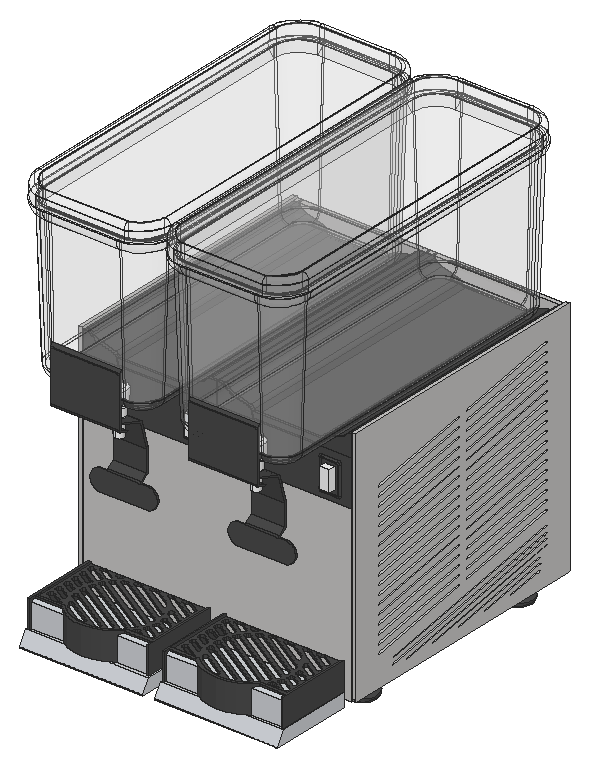
Revit family "QF_Vollrath-VBBD2-37", category Specialty Equipment, Revit 2018 (continued)
Forms (in)
  Extrusion 48, solid, material "QF_Finishes-Stainless"
    sketch origin (7.18237, 0, 0) x (0, 1, 0) y (0, 0, -1)
      loop
        line (3.58682, -5.53012) -> (-1.76463, -4.58652) -> (-1.78519, -4.70311)
        arc (-1.78519, -4.70311) -> (-1.75541, -4.72665) -> (-1.71961, -4.73928) r 0.11572
        line (-1.71961, -4.73928) -> (3.49226, -5.65827)
        arc (3.49226, -5.65827) -> (3.53022, -5.65864) -> (3.56626, -5.64671) r 0.11572
        line (3.56626, -5.64671) -> (3.58682, -5.53012)
      loop
        line (9.32185, -7.00479) -> (3.9704, -6.06119) -> (3.94984, -6.17777)
        arc (3.94984, -6.17777) -> (3.97963, -6.20131) -> (4.01542, -6.21395) r 0.11572
        line (4.01542, -6.21395) -> (9.22729, -7.13294)
        arc (9.22729, -7.13294) -> (9.26526, -7.13331) -> (9.30129, -7.12138) r 0.11572
        line (9.30129, -7.12138) -> (9.32185, -7.00479)
      loop
        line (3.58682, -5.99355) -> (-1.76463, -5.04994) -> (-1.78519, -5.16653)
        arc (-1.78519, -5.16653) -> (-1.75541, -5.19007) -> (-1.71961, -5.20271) r 0.11572
        line (-1.71961, -5.20271) -> (3.49226, -6.1217)
        arc (3.49226, -6.1217) -> (3.53022, -6.12207) -> (3.56626, -6.11014) r 0.11572
        line (3.56626, -6.11014) -> (3.58682, -5.99355)
      loop
        line (9.32185, -7.46822) -> (3.9704, -6.52461) -> (3.94984, -6.6412)
        arc (3.94984, -6.6412) -> (3.97963, -6.66474) -> (4.01542, -6.67737) r 0.11572
        line (4.01542, -6.67737) -> (9.22729, -7.59637)
        arc (9.22729, -7.59637) -> (9.26526, -7.59674) -> (9.30129, -7.5848) r 0.11572
        line (9.30129, -7.5848) -> (9.32185, -7.46822)
      loop
        line (3.58682, -6.45697) -> (-1.76463, -5.51337) -> (-1.78519, -5.62996)
        arc (-1.78519, -5.62996) -> (-1.75541, -5.6535) -> (-1.71961, -5.66613) r 0.11572
        line (-1.71961, -5.66613) -> (3.49226, -6.58512)
        arc (3.49226, -6.58512) -> (3.53022, -6.5855) -> (3.56626, -6.57356) r 0.11572
        line (3.56626, -6.57356) -> (3.58682, -6.45697)
      loop
        line (9.32185, -7.93164) -> (3.9704, -6.98804) -> (3.94984, -7.10462)
        arc (3.94984, -7.10462) -> (3.97963, -7.12816) -> (4.01542, -7.1408) r 0.11572
        line (4.01542, -7.1408) -> (9.22729, -8.05979)
        arc (9.22729, -8.05979) -> (9.26526, -8.06016) -> (9.30129, -8.04823) r 0.11572
        line (9.30129, -8.04823) -> (9.32185, -7.93164)
      loop
        line (3.58682, -6.9204) -> (-1.76463, -5.97679) -> (-1.78519, -6.09338)
        arc (-1.78519, -6.09338) -> (-1.75541, -6.11692) -> (-1.71961, -6.12956) r 0.11572
        line (-1.71961, -6.12956) -> (3.49226, -7.04855)
        arc (3.49226, -7.04855) -> (3.53022, -7.04892) -> (3.56626, -7.03699) r 0.11572
        line (3.56626, -7.03699) -> (3.58682, -6.9204)
      loop
        line (9.32185, -8.39507) -> (3.9704, -7.45146) -> (3.94984, -7.56805)
        arc (3.94984, -7.56805) -> (3.97963, -7.59159) -> (4.01542, -7.60422) r 0.11572
        line (4.01542, -7.60422) -> (9.22729, -8.52322)
        arc (9.22729, -8.52322) -> (9.26526, -8.52359) -> (9.30129, -8.51165) r 0.11572
        line (9.30129, -8.51165) -> (9.32185, -8.39507)
      loop
        line (3.58682, -7.38382) -> (-1.76463, -6.44022) -> (-1.78519, -6.55681)
        arc (-1.78519, -6.55681) -> (-1.75541, -6.58035) -> (-1.71961, -6.59298) r 0.11572
        line (-1.71961, -6.59298) -> (3.49226, -7.51198)
        arc (3.49226, -7.51198) -> (3.53022, -7.51235) -> (3.56626, -7.50041) r 0.11572
        line (3.56626, -7.50041) -> (3.58682, -7.38382)
      loop
        line (9.32185, -8.85849) -> (3.9704, -7.91489) -> (3.94984, -8.03147)
        arc (3.94984, -8.03147) -> (3.97963, -8.05501) -> (4.01542, -8.06765) r 0.11572
        line (4.01542, -8.06765) -> (9.22729, -8.98664)
        arc (9.22729, -8.98664) -> (9.26526, -8.98701) -> (9.30129, -8.97508) r 0.11572
        line (9.30129, -8.97508) -> (9.32185, -8.85849)
      loop
        line (3.58682, -7.84725) -> (-1.76463, -6.90364) -> (-1.78519, -7.02023)
        arc (-1.78519, -7.02023) -> (-1.75541, -7.04377) -> (-1.71961, -7.05641) r 0.11572
        line (-1.71961, -7.05641) -> (3.49226, -7.9754)
        arc (3.49226, -7.9754) -> (3.53022, -7.97577) -> (3.56626, -7.96384) r 0.11572
        line (3.56626, -7.96384) -> (3.58682, -7.84725)
      loop
        line (9.32185, -9.32192) -> (3.9704, -8.37831) -> (3.94984, -8.4949)
        arc (3.94984, -8.4949) -> (3.97963, -8.51844) -> (4.01542, -8.53107) r 0.11572
        line (4.01542, -8.53107) -> (9.22729, -9.45007)
        arc (9.22729, -9.45007) -> (9.26526, -9.45044) -> (9.30129, -9.4385) r 0.11572
        line (9.30129, -9.4385) -> (9.32185, -9.32192)
      loop
        line (3.58682, -8.31068) -> (-1.76463, -7.36707) -> (-1.78519, -7.48366)
        arc (-1.78519, -7.48366) -> (-1.75541, -7.5072) -> (-1.71961, -7.51983) r 0.11572
        line (-1.71961, -7.51983) -> (3.49226, -8.43883)
        arc (3.49226, -8.43883) -> (3.53022, -8.4392) -> (3.56626, -8.42726) r 0.11572
        line (3.56626, -8.42726) -> (3.58682, -8.31068)
      loop
        line (9.32185, -9.78534) -> (3.9704, -8.84174) -> (3.94984, -8.95832)
        arc (3.94984, -8.95832) -> (3.97963, -8.98186) -> (4.01542, -8.9945) r 0.11572
        line (4.01542, -8.9945) -> (9.22729, -9.91349)
        arc (9.22729, -9.91349) -> (9.26526, -9.91386) -> (9.30129, -9.90193) r 0.11572
        line (9.30129, -9.90193) -> (9.32185, -9.78534)
      loop
        line (3.58682, -8.7741) -> (-1.76463, -7.8305) -> (-1.78519, -7.94708)
        arc (-1.78519, -7.94708) -> (-1.75541, -7.97062) -> (-1.71961, -7.98326) r 0.11572
        line (-1.71961, -7.98326) -> (3.49226, -8.90225)
        arc (3.49226, -8.90225) -> (3.53022, -8.90262) -> (3.56626, -8.89069) r 0.11572
        line (3.56626, -8.89069) -> (3.58682, -8.7741)
      loop
        line (9.32185, -10.24877) -> (3.9704, -9.30516) -> (3.94984, -9.42175)
        arc (3.94984, -9.42175) -> (3.97963, -9.44529) -> (4.01542, -9.45792) r 0.11572
        line (4.01542, -9.45792) -> (9.22729, -10.37692)
        arc (9.22729, -10.37692) -> (9.26526, -10.37729) -> (9.30129, -10.36535) r 0.11572
        line (9.30129, -10.36535) -> (9.32185, -10.24877)
      loop
        line (3.58682, -9.23753) -> (-1.76463, -8.29392) -> (-1.78519, -8.41051)
        arc (-1.78519, -8.41051) -> (-1.75541, -8.43405) -> (-1.71961, -8.44668) r 0.11572
        line (-1.71961, -8.44668) -> (3.49226, -9.36568)
        arc (3.49226, -9.36568) -> (3.53022, -9.36605) -> (3.56626, -9.35411) r 0.11572
        line (3.56626, -9.35411) -> (3.58682, -9.23753)
      loop
        line (9.32185, -10.71219) -> (3.9704, -9.76859) -> (3.94984, -9.88517)
        arc (3.94984, -9.88517) -> (3.97963, -9.90871) -> (4.01542, -9.92135) r 0.11572
        line (4.01542, -9.92135) -> (9.22729, -10.84034)
        arc (9.22729, -10.84034) -> (9.26526, -10.84071) -> (9.30129, -10.82878) r 0.11572
        line (9.30129, -10.82878) -> (9.32185, -10.71219)
      loop
        line (3.58682, -9.70095) -> (-1.76463, -8.75735) -> (-1.78519, -8.87393)
        arc (-1.78519, -8.87393) -> (-1.75541, -8.89747) -> (-1.71961, -8.91011) r 0.11572
        line (-1.71961, -8.91011) -> (3.49226, -9.8291)
        arc (3.49226, -9.8291) -> (3.53022, -9.82947) -> (3.56626, -9.81754) r 0.11572
        line (3.56626, -9.81754) -> (3.58682, -9.70095)
      loop
        line (9.32185, -11.17562) -> (3.9704, -10.23201) -> (3.94984, -10.3486)
        arc (3.94984, -10.3486) -> (3.97963, -10.37214) -> (4.01542, -10.38477) r 0.11572
        line (4.01542, -10.38477) -> (9.22729, -11.30377)
        arc (9.22729, -11.30377) -> (9.26526, -11.30414) -> (9.30129, -11.2922) r 0.11572
        line (9.30129, -11.2922) -> (9.32185, -11.17562)
      loop
        line (3.58682, -10.16438) -> (-1.76463, -9.22077) -> (-1.78519, -9.33736)
        arc (-1.78519, -9.33736) -> (-1.75541, -9.3609) -> (-1.71961, -9.37353) r 0.11572
        line (-1.71961, -9.37353) -> (3.49226, -10.29253)
        arc (3.49226, -10.29253) -> (3.53022, -10.2929) -> (3.56626, -10.28096) r 0.11572
        line (3.56626, -10.28096) -> (3.58682, -10.16438)
      loop
        line (9.32185, -11.63904) -> (3.9704, -10.69544) -> (3.94984, -10.81202)
        arc (3.94984, -10.81202) -> (3.97963, -10.83556) -> (4.01542, -10.8482) r 0.11572
        line (4.01542, -10.8482) -> (9.22729, -11.76719)
        arc (9.22729, -11.76719) -> (9.26526, -11.76756) -> (9.30129, -11.75563) r 0.11572
        line (9.30129, -11.75563) -> (9.32185, -11.63904)
      loop
        line (3.58682, -10.6278) -> (-1.76463, -9.6842) -> (-1.78519, -9.80078)
        arc (-1.78519, -9.80078) -> (-1.75541, -9.82432) -> (-1.71961, -9.83696) r 0.11572
        line (-1.71961, -9.83696) -> (3.49226, -10.75595)
        arc (3.49226, -10.75595) -> (3.53022, -10.75632) -> (3.56626, -10.74439) r 0.11572
        line (3.56626, -10.74439) -> (3.58682, -10.6278)
      loop
        line (9.32185, -12.10307) -> (3.9704, -11.15947) -> (3.94984, -11.27605)
        arc (3.94984, -11.27605) -> (3.97963, -11.29959) -> (4.01542, -11.31223) r 0.11572
        line (4.01542, -11.31223) -> (9.22729, -12.23122)
        arc (9.22729, -12.23122) -> (9.26526, -12.23159) -> (9.30129, -12.21966) r 0.11572
        line (9.30129, -12.21966) -> (9.32185, -12.10307)
      loop
        line (3.58682, -11.09183) -> (-1.76463, -10.14822) -> (-1.78519, -10.26481)
        arc (-1.78519, -10.26481) -> (-1.75541, -10.28835) -> (-1.71961, -10.30099) r 0.11572
        line (-1.71961, -10.30099) -> (3.49226, -11.21998)
        arc (3.49226, -11.21998) -> (3.53022, -11.22035) -> (3.56626, -11.20842) r 0.11572
        line (3.56626, -11.20842) -> (3.58682, -11.09183)
    from -3.6675 to -3.46457
  Extrusion 49, solid
    sketch origin (7.06271, 0, 0) x (0, 1, 0) y (0, 0, 1)
      loop
        arc (-6.9626, 2.40157) -> (-7.08882, 2.37471) -> (-7.18008, 2.28346) r 0.22732
        line (-7.18008, 2.28346) -> (-7.18008, 1.03543) -> (-6.9626, 1.03543) -> (-6.9626, 2.40157)
    from -3.05071 to -1.36292
Lines and regions (in)
  symbolic lines, style "Clearance - Code Mandatory"
    curve 1: line (-9.675, 16.875, 0) -> (-9.675, -7.75, 0)
    curve 2: line (16.8325, 16.875, 0) -> (-9.675, 16.875, 0)
    curve 3: line (16.8325, -7.75, 0) -> (16.8325, 16.875, 0)
    curve 4: line (-9.675, -7.75, 0) -> (-3.6675, -7.75, 0)
    curve 5: line (-3.6675, 10.7576, 0) -> (10.83125, 10.7576, 0)
    curve 7: line (-3.6675, -7.75, 0) -> (-3.6675, 10.7576, 0)
    curve 10: line (16.8325, -7.75, 0) -> (16.8325, 10.7576, 0)
    curve 11: line (10.83125, -7.75, 0) -> (16.8325, -7.75, 0)
    curve 12: line (10.83125, 10.7576, 0) -> (10.83125, -7.75, 0)
  symbolic lines
    curve 6: line (3.645, 9.16153, 0) -> (3.645, -6.26307, 0)
    curve 13: arc (3.64129, -6.12347, 0) -> (4.12241, -7.28501, 0) -> (5.28396, -7.76614, 0) r 1.64267
    curve 14: line (3.64129, 9.064, 0) -> (3.64129, -6.12347, 0)
    curve 15: line (5.28396, -7.76614, 0) -> (9.1353, -7.76614, 0)
    curve 16: arc (9.1353, -7.76614, 0) -> (10.30791, -7.28043, 0) -> (10.79362, -6.10782, 0) r 1.65832
    curve 17: line (10.79362, -6.10782, 0) -> (10.79362, 9.05687, 0)
    curve 18: arc (1.88804, -7.76614, 0) -> (3.06064, -7.28043, 0) -> (3.54635, -6.10782, 0) r 1.65832
    curve 19: line (-1.96331, -7.76614, 0) -> (1.88804, -7.76614, 0)
    curve 20: arc (5.23601, 10.65873, 0) -> (4.10837, 10.19164, 0) -> (3.64129, 9.064, 0) r 1.59473
    curve 21: line (9.19177, 10.65873, 0) -> (5.23601, 10.65873, 0)
    curve 22: arc (10.79362, 9.05687, 0) -> (10.32445, 10.18955, 0) -> (9.19177, 10.65873, 0) r 1.60185
    curve 23: arc (-3.60598, -6.12347, 0) -> (-3.12485, -7.28501, 0) -> (-1.96331, -7.76614, 0) r 1.64267
    curve 24: line (3.54635, -6.10782, 0) -> (3.54635, 9.08178, 0)
    curve 25: arc (-1.8868, 10.65885, 0) -> (-3.01274, 10.20931, 0) -> (-3.59926, 9.14826, 0) r 1.80252
    curve 26: line (-3.59926, 9.14826, 0) -> (-3.59926, -6.24981, 0)
    curve 27: line (1.8243, 10.65885, 0) -> (-1.8868, 10.65885, 0)
    curve 28: arc (3.54635, 9.08178, 0) -> (2.97522, 10.18686, 0) -> (1.8243, 10.65885, 0) r 1.80252
  reference lines
    curve 8: line (1.395, 4.75781, 0) -> (7.145, 4.75781, 0)
    curve 9: line (-2.645, -9.32132, 0) -> (-2.645, 11.67868, 0)
Dimensions and locks (in)
  locked: plane 5 "Left" to plane 14 "Clearance Right" at 14.49875
  plane 7 "Front" to plane 6 "Rear" = 18.5076"
  plane 8 "Top" to plane 2 = 22.11914"
  plane 13 "Clearance Left" to plane 5 "Left" = 6.0075"
  locked: plane 4 "Right" to plane 14 "Clearance Right" at 6.00125
  aligned and locked: plane 2 to level
  aligned and locked: plane 9 "Base Cabinet Front" to Extrusion 5
  aligned and locked: Extrusion 6 sketch curve to plane 5 "Left"
  aligned and locked: plane 6 "Rear" to Extrusion 6
  aligned and locked: plane 9 "Base Cabinet Front" to Extrusion 17
  aligned and locked: Extrusion 14 to Extrusion 12
  aligned and locked: plane 6 "Rear" to Extrusion 17
  aligned and locked: plane 15 "Clearance Rear" to Extrusion 20
  aligned and locked: plane 15 "Clearance Rear" to curve 2
  aligned and locked: plane 13 "Clearance Left" to Extrusion 20
  aligned and locked: plane 13 "Clearance Left" to curve 1
  aligned and locked: plane 14 "Clearance Right" to Extrusion 20
  aligned and locked: plane 6 "Rear" to Extrusion 3
  aligned and locked: Extrusion 20 to plane 6 "Rear"
  aligned and locked: Extrusion 18 to plane 4 "Right"
  aligned and locked: plane 8 "Top" to Extrusion 19
  aligned and locked: plane 8 "Top" to Extrusion 20
  aligned and locked: plane 8 "Top" to Extrusion 18
  aligned and locked: Extrusion 2 to Sweep 1
  aligned and locked: plane 6 "Rear" to Extrusion 19
  aligned and locked: Extrusion 20 to Extrusion 19
  aligned and locked: plane 6 "Rear" to Extrusion 18
  aligned and locked: plane 14 "Clearance Right" to Extrusion 18
  aligned and locked: Extrusion 34 to Extrusion 32
  aligned and locked: Extrusion 30 to Sweep 29
  aligned and locked: Extrusion 6 sketch curve to Extrusion 18
Connectors (in)
  electrical at (-2.645, 4.75781, 0.37402), driven by "Volts"
    settings: index 1, voltage 115 V, apparent load 0 VA, apparent load phase1 0 VA, apparent load phase2 0 VA, apparent load phase3 0 VA, power factor 1, load classification "Other", number of poles 1, system type 31, power factor state 1, is connector primary yes, connector utility no, sub classification motor no, connector description ""
Types (3): name | Model
  (no name) | "VBBD2-37-S"
  VBBD2-37-S | "VBBD2-37-S"
  VBBD2-37-F | "VBBD2-37-F"
